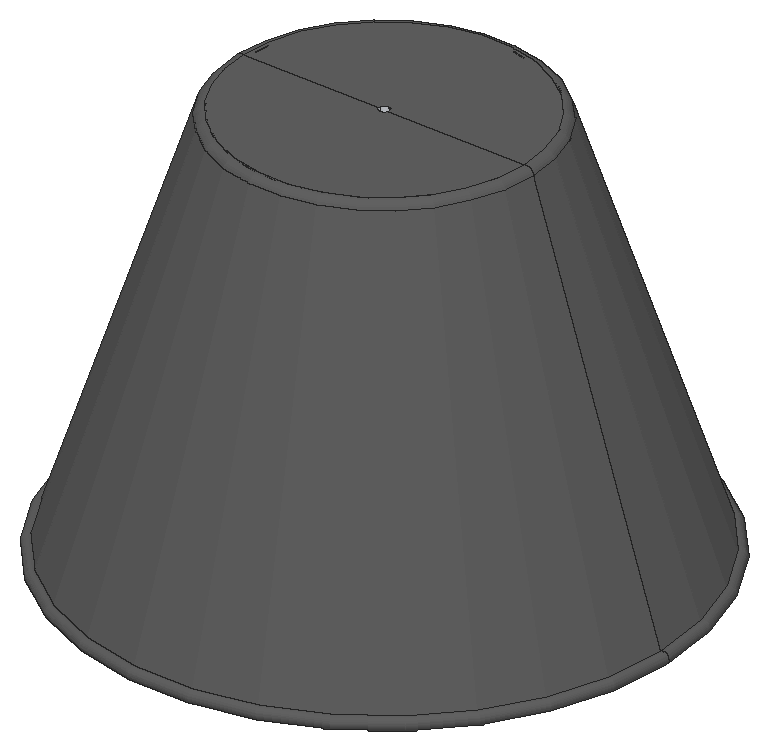
Revit family "LCN30 SHADE", category Lighting Fixtures, Revit 2024
Family settings
  Round Connector Dimension = Use Diameter
  Part Type = Normal
  OmniClass Number = 23.80.70.00
  OmniClass Title = Lighting
  Work Plane-Based = No
  Always vertical = Yes
  Cut with Voids When Loaded = No
  Light Source = Yes
  Maintain Annotation Orientation = No
  Shared = No
  Room Calculation Point = No
Parameters
  Wattage = 12.1178 W
  built-in parameter 1150110 = 1 (stored number, unit not read)
  built-in parameter 1114217 = 1 (stored number, unit not read)
  built-in parameter 1150109 = 1 (stored number, unit not read)
  built-in parameter 1150134 = (empty or 0)
  built-in parameter 1150113 = 1 (stored number, unit not read)
  Lumens = 1800 lm
  built-in parameter 1150115 = 1 (stored number, unit not read)
  built-in parameter 1150105 = 572.96 (stored number, unit not read)
  Light Source Symbol Size = 2' - 0"
  built-in parameter 1150137 = (empty or 0)
  built-in parameter 1150139 = (empty or 0)
  built-in parameter 1150112 = 1 (stored number, unit not read)
  built-in parameter 1150114 = 1 (stored number, unit not read)
  built-in parameter 1150132 = 2
  built-in parameter 1150102 = (empty or 0)
  built-in parameter 1150138 = (empty or 0)
  built-in parameter 1150107 = 3000 (stored number, unit not read)
  built-in parameter 1150106 = 5.7296 (stored number, unit not read)
  built-in parameter 1150104 = 13.8 (stored number, unit not read)
  Dimming Lamp Color Temperature Shift = (empty or 0)
  Default Elevation = 0' - 0"
  Color Filter = 16777215
  built-in parameter 1114218 = 1 (stored number, unit not read)
  built-in parameter 1150133 = 10 (stored number, unit not read)
Reference planes (in)
  plane 1 "Light Source Axis (F/B)": y = 0
  plane 2: z = 0
  plane 3 "Light Source Axis (L/R)": x = 0
  plane 4 "Light Source Elevation": z = 96
Forms (in)
  Revolve 1, solid
    sketch origin (0, 0, 0) x (1, 0, 0) y (0, 0, 1)
      loop
        arc (-14.55049, 96.62005) -> (-14.87044, 96.10272) -> (-14.35291, 96.42234) r 0.3125
        line (-14.35291, 96.42234) -> (-7.62689, 116.57913)
        arc (-7.62689, 116.57913) -> (-7.53589, 116.70283) -> (-7.38974, 116.75) r 0.25
        line (-7.38974, 116.75) -> (-0.25, 116.75) -> (-0.25, 117) -> (-7.38974, 117)
        arc (-7.38974, 117) -> (-7.68203, 116.90567) -> (-7.86403, 116.65826) r 0.5
        line (-7.86403, 116.65826) -> (-14.55049, 96.62005)
      axis (0, 96.42234) -> (0, 117)
    angle from 0 to 360
Dimensions and locks (in)
  aligned and locked: plane 3 "Light Source Axis (L/R)" to imposter light
  aligned and locked: plane 1 "Light Source Axis (F/B)" to imposter light
  aligned and locked: plane 4 "Light Source Elevation" to imposter light
  aligned and locked: level to plane 2
